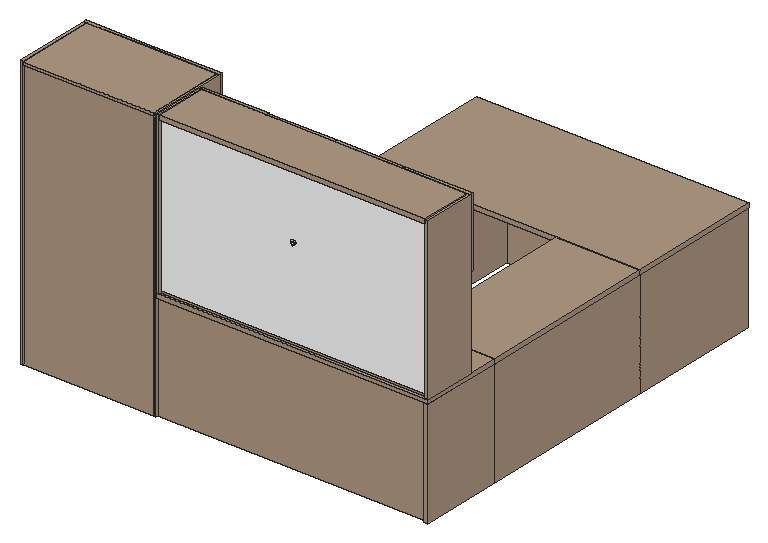
Revit family "T100044", category Furniture, Revit 2013
Parameters (values of type "T100044")
  Width = 108"
  URL = "http://www.ofsbrands.com/"
  Top Core Material = OFS BRANDS IMPULSE Top Core Wood
  Pull Material = OFS BRANDS IMPULSE Pull Metal
  Model = "T100044"
  Manufacturer = "OFS"
  Lock Material = OFS BRANDS IMPULSE Lock Metal
  Height = 71 15/16"
  Drawer Front Material = OFS BRANDS IMPULSE Drawer Front Wood
  Description = "OFS BRANDS OFS IMPULSE G2 TYPICAL T100044"
  Depth = 106"
  Copyright © = "© 2018 OFS BRANDS"
  Chassis Material = OFS BRANDS IMPULSE Chassis Wood
  Catalog = "http://ofsbrands.com/products/casegoods/private-office/impulse-g2"
  Grommet  Material = OFS BRANDS IMPULSE Grommet Metal
  Back Coverage Material = OFS BRANDS IMPULSE Back Coverage Plastic
  Authoring Version = "Autodesk Revit Architecture 2013"
  Assembly Code = "E2020200"
Reference planes (in)
  plane 1 "Center (Front/Back)": y = 0
  plane 2: z = 0
  plane 3 "Center (Left/Right)": x = 0
Forms (in)
  Extrusion 1, solid, material "OFS BRANDS IMPULSE Top Core Wood" <- "Top Core Material"
    sketch origin (27.00001, -8.00001, 0) x (1, 0, 0) y (0, 1, 0)
      loop
        line (-45.00001, 61.00023) -> (-45.00001, 24.99979) -> (26.99999, 24.99979) -> (26.99999, 61.00023) -> (-45.00001, 61.00023)
    from 28.30925 to 29.4745
  Extrusion 2, solid, material "OFS BRANDS IMPULSE Chassis Wood" <- "Chassis Material"
    sketch origin (-17.68478, 15.76745, 0) x (0, -1, 0) y (0, 0, 1)
      loop
        line (-2.35734, 0) -> (-2.35733, 28.1875) -> (-37.23148, 28.1875) -> (-37.23148, 0) -> (-2.35734, 0)
    from -0.74728 to 0.31522
  Extrusion 3, solid, material "OFS BRANDS IMPULSE Chassis Wood" <- "Chassis Material"
    sketch origin (-17.68478, 15.76745, 28.1875) x (0, -1, 0) y (0, 0, 1)
      loop
        line (-2.35733, 0) -> (-2.35733, 0.12175) -> (-37.10738, 0.12175) -> (-37.10738, 0) -> (-2.35733, 0)
    from -0.74728 to 0.19022
  Extrusion 4, solid, material "OFS BRANDS IMPULSE Lock Metal" <- "Lock Material"
    sketch origin (-3.1825, 27.52305, -0.0015) x (0, -1, 0) y (0, 0, 1)
      loop
        circle (4.64267, 22.54687) r 0.3125
    from -1.15125 to -1.0575
  Extrusion 5, solid, material "OFS BRANDS IMPULSE Drawer Front Wood" <- "Drawer Front Material"
    sketch origin (42.16983, 18.31228, -13.875) x (1, 0, 0) y (0, 0, -1)
      loop
        line (-60.10733, -28.1875) -> (-44.35733, -28.1875) -> (-44.35733, -14.4375) -> (-60.10733, -14.4375) -> (-60.10733, -28.1875)
    from -1.0625 to -0.3125
  Extrusion 6, solid, material "OFS BRANDS IMPULSE Pull Metal" <- "Pull Material"
    sketch origin (27.00001, -12.17692, -15.912) x (1, 0, 0) y (0, 1, 0)
      loop
        line (-39.43501, 29.42671) -> (-39.68501, 29.42671) -> (-39.68501, 28.17671) -> (-34.43501, 28.17671) -> (-34.43501, 29.42671) -> (-34.68501, 29.42671) -> (-34.68501, 28.42671) -> (-39.43501, 28.42671) -> (-39.43501, 29.42671)
    from 28.9745 to 29.4745
  Extrusion 7, solid, material "OFS BRANDS IMPULSE Drawer Front Wood" <- "Drawer Front Material"
    sketch origin (42.16983, 18.31228, -6.9375) x (1, 0, 0) y (0, 0, -1)
      loop
        line (-60.10733, -28.1875) -> (-44.35733, -28.1875) -> (-44.35733, -21.375) -> (-60.10733, -21.375) -> (-60.10733, -28.1875)
    from -1.0625 to -0.3125
  Extrusion 8, solid, material "OFS BRANDS IMPULSE Pull Metal" <- "Pull Material"
    sketch origin (27.00001, -12.17692, -8.9745) x (1, 0, 0) y (0, 1, 0)
      loop
        line (-39.43501, 29.42671) -> (-39.68501, 29.42671) -> (-39.68501, 28.17671) -> (-34.43501, 28.17671) -> (-34.43501, 29.42671) -> (-34.68501, 29.42671) -> (-34.68501, 28.42671) -> (-39.43501, 28.42671) -> (-39.43501, 29.42671)
    from 28.9745 to 29.4745
  Extrusion 9, solid, material "OFS BRANDS IMPULSE Drawer Front Wood" <- "Drawer Front Material"
    sketch origin (42.16983, 18.31228, 0) x (1, 0, 0) y (0, 0, -1)
      loop
        line (-60.10733, -28.1875) -> (-44.35733, -28.1875) -> (-44.35733, -21.375) -> (-60.10733, -21.375) -> (-60.10733, -28.1875)
    from -1.0625 to -0.3125
  Extrusion 10, solid, material "OFS BRANDS IMPULSE Pull Metal" <- "Pull Material"
    sketch origin (27.00001, -12.17692, -2.037) x (1, 0, 0) y (0, 1, 0)
      loop
        line (-39.43501, 29.42671) -> (-39.68501, 29.42671) -> (-39.68501, 28.17671) -> (-34.43501, 28.17671) -> (-34.43501, 29.42671) -> (-34.68501, 29.42671) -> (-34.68501, 28.42671) -> (-39.43501, 28.42671) -> (-39.43501, 29.42671)
    from 28.9745 to 29.4745
  Extrusion 11, solid, material "OFS BRANDS IMPULSE Chassis Wood" <- "Chassis Material"
    sketch origin (21.27267, 47.99978, 0) x (-1, 0, 0) y (0, 0, 1)
      loop
        line (38.21017, 0) -> (38.21017, 28.3125) -> (-31.66483, 28.3125) -> (-31.66483, 0) -> (38.21017, 0)
    from -4.75 to -4
  Extrusion 12, solid, material "OFS BRANDS IMPULSE Chassis Wood" <- "Chassis Material"
    sketch origin (-2.44022, 15.76745, 0) x (0, -1, 0) y (0, 0, -1)
      loop
        line (-2.35734, 0) -> (-27.48233, 0) -> (-27.48233, -28.1875) -> (-2.35733, -28.1875) -> (-2.35734, 0)
    from -0.37228 to 0.31522
  Extrusion 13, solid, material "OFS BRANDS IMPULSE Chassis Wood" <- "Chassis Material"
    sketch origin (-2.44022, 15.76745, 28.1875) x (0, -1, 0) y (0, 0, -1)
      loop
        line (-2.35733, 0) -> (-27.48234, 0) -> (-27.48234, -0.12175) -> (-2.35733, -0.12175) -> (-2.35733, 0)
    from -0.74728 to 0.19022
  Extrusion 14, solid, material "OFS BRANDS IMPULSE Chassis Wood" <- "Chassis Material"
    sketch origin (21.27267, 22.74978, 0) x (-1, 0, 0) y (0, 0, 1)
      loop
        line (38.21017, 0) -> (38.21017, 28.3125) -> (24.08517, 28.3125) -> (24.08517, 0) -> (38.21017, 0)
    from -4.75 to -4
  Extrusion 15, solid, material "OFS BRANDS IMPULSE Chassis Wood" <- "Chassis Material"
    sketch origin (53.68478, 15.76745, 0) x (0, -1, 0) y (0, 0, -1)
      loop
        line (-1.23233, 0) -> (-37.23148, 0) -> (-37.23148, -28.1875) -> (-1.23233, -28.1875) -> (-1.23233, 0)
    from -0.74728 to 0.31522
  Extrusion 16, solid, material "OFS BRANDS IMPULSE Chassis Wood" <- "Chassis Material"
    sketch origin (53.68478, 15.76745, 28.1875) x (0, -1, 0) y (0, 0, -1)
      loop
        line (-1.36293, 0) -> (-37.10738, 0) -> (-37.10738, -0.12175) -> (-1.36293, -0.12175) -> (-1.36293, 0)
    from -0.74728 to 0.19022
  Extrusion 17, solid, material "OFS BRANDS IMPULSE Chassis Wood" <- "Chassis Material"
    sketch origin (53.68478, -20.2317, 0) x (0, -1, 0) y (0, 0, -1)
      loop
        line (10.76852, 0) -> (-37.23148, 0) -> (-37.23148, -28.1875) -> (10.76852, -28.1875) -> (10.76852, 0)
    from -0.74728 to 0.31522
  Extrusion 18, solid, material "OFS BRANDS IMPULSE Chassis Wood" <- "Chassis Material"
    sketch origin (53.68478, -20.2317, 28.1875) x (0, -1, 0) y (0, 0, -1)
      loop
        line (10.76852, 0) -> (-37.23148, 0) -> (-37.23148, -0.12175) -> (10.76852, -0.12175) -> (10.76852, 0)
    from -0.74728 to 0.19022
  Extrusion 19, solid, material "OFS BRANDS IMPULSE Chassis Wood" <- "Chassis Material"
    sketch origin (53.68478, -68.2317, 0) x (0, -1, 0) y (0, 0, -1)
      loop
        line (-15.23148, 0) -> (-37.23148, 0) -> (-37.23148, -28.1875) -> (-15.23148, -28.1875) -> (-15.23148, 0)
    from -0.74728 to 0.31522
  Extrusion 20, solid, material "OFS BRANDS IMPULSE Chassis Wood" <- "Chassis Material"
    sketch origin (53.68478, -68.2317, 28.1875) x (0, -1, 0) y (0, 0, -1)
      loop
        line (-15.35643, 0) -> (-37.10648, 0) -> (-37.10648, -0.12175) -> (-15.35643, -0.12175) -> (-15.35643, 0)
    from -0.74728 to 0.19022
  Extrusion 21, solid, material "OFS BRANDS IMPULSE Top Core Wood" <- "Top Core Material"
    sketch origin (27.00001, 41.99957, 0) x (1, 0, 0) y (0, 1, 0)
      loop
        line (5.00084, -72.99979) -> (26.99999, -72.99979) -> (26.99999, -24.99979) -> (5.00084, -24.99979) -> (5.00084, -72.99979)
    from 28.30925 to 29.4745
  Extrusion 22, solid, material "OFS BRANDS IMPULSE Top Core Wood" <- "Top Core Material"
    sketch origin (43.00045, -5.99999, 0) x (1, 0, 0) y (0, 1, 0)
      loop
        line (-61.00045, -47.00023) -> (10.99955, -47.00023) -> (10.99955, -24.99979) -> (-61.00045, -24.99979) -> (-61.00045, -47.00023)
      loop
        line (-20.56252, -44.4398) -> (-20.56252, -44.52858)
        arc (-20.56252, -44.52858) -> (-20.31945, -44.4279) -> (-20.21877, -44.18483) r 0.34375
        line (-20.21877, -44.18483) -> (-20.30756, -44.18483) -> (-20.30756, -43.93483) -> (-20.21877, -43.93483)
        arc (-20.21877, -43.93483) -> (-20.31945, -43.69177) -> (-20.56252, -43.59108) r 0.34375
        line (-20.56252, -43.59108) -> (-20.56252, -43.67987) -> (-21.43752, -43.67987) -> (-21.43752, -43.59108)
        arc (-21.43752, -43.59108) -> (-21.68059, -43.69177) -> (-21.78127, -43.93483) r 0.34375
        line (-21.78127, -43.93483) -> (-21.69248, -43.93483) -> (-21.69248, -44.18483) -> (-21.78127, -44.18483)
        arc (-21.78127, -44.18483) -> (-21.68059, -44.4279) -> (-21.43752, -44.52858) r 0.34375
        line (-21.43752, -44.52858) -> (-21.43752, -44.4398) -> (-20.56252, -44.4398)
    from 28.30925 to 29.4745
  Extrusion 23, solid, material "OFS BRANDS IMPULSE Grommet Metal" <- "Grommet  Material"
    sketch origin (0.85776, -23.93482, 29.162) x (0, -1, 0) y (-1, 0, 0)
      loop
        line (26.50497, -21.11142) -> (27.125, -21.11142) -> (27.125, -19.89267)
        arc (27.125, -19.89267) -> (26.99686, -19.58331) -> (26.6875, -19.45517) r 0.4375
        line (26.6875, -19.45517) -> (25.5625, -19.45517)
        arc (25.5625, -19.45517) -> (25.25314, -19.58331) -> (25.125, -19.89267) r 0.4375
        line (25.125, -19.89267) -> (25.125, -21.11142) -> (25.74504, -21.11142) -> (25.74504, -20.70517) -> (25.65625, -20.70517)
        arc (25.65625, -20.70517) -> (25.75693, -20.4621) -> (26, -20.36142) r 0.34375
        line (26, -20.36142) -> (26, -20.4502) -> (26.25, -20.4502) -> (26.25, -20.36142)
        arc (26.25, -20.36142) -> (26.49307, -20.4621) -> (26.59375, -20.70517) r 0.34375
        line (26.59375, -20.70517) -> (26.50497, -20.70517) -> (26.50497, -21.11142)
      loop
        line (26.50497, -21.17392) -> (26.50497, -21.58017) -> (26.59375, -21.58017)
        arc (26.59375, -21.58017) -> (26.49307, -21.82323) -> (26.25, -21.92392) r 0.34375
        line (26.25, -21.92392) -> (26.25, -21.83513) -> (26, -21.83513) -> (26, -21.92392)
        arc (26, -21.92392) -> (25.75693, -21.82323) -> (25.65625, -21.58017) r 0.34375
        line (25.65625, -21.58017) -> (25.74504, -21.58017) -> (25.74504, -21.17392) -> (25.125, -21.17392) -> (25.125, -22.39267)
        arc (25.125, -22.39267) -> (25.25314, -22.70203) -> (25.5625, -22.83017) r 0.4375
        line (25.5625, -22.83017) -> (26.6875, -22.83017)
        arc (26.6875, -22.83017) -> (26.99686, -22.70202) -> (27.125, -22.39266) r 0.4375
        line (27.125, -22.39266) -> (27.125, -21.17392) -> (26.50497, -21.17392)
    from -0.38 to -0.3125
  Extrusion 24, solid, material "OFS BRANDS IMPULSE Back Coverage Plastic" <- "Back Coverage Material"
    sketch origin (12.71306, -52.87522, 29.4745) x (-1, 0, 0) y (0, 0, -1)
      loop
        line (29.96306, -0.463) -> (-40.53694, -0.463) -> (-40.53694, -41.4005) -> (29.96306, -41.4005) -> (29.96306, -0.463)
      loop
        circle (-5.25463, -24.31718) r 0.75
    from -0.9375 to -0.4375
  Extrusion 25, solid, material "OFS BRANDS IMPULSE Grommet Metal" <- "Grommet  Material"
    sketch origin (64.63267, -52.87522, 29.4745) x (-1, 0, 0) y (0, 0, -1)
      loop
        line (46.91502, -23.48773) -> (46.91502, -23.8935)
        arc (46.91502, -23.8935) -> (46.66497, -24.14355) -> (46.41492, -23.8935) r 0.25005
        line (46.41492, -23.8935) -> (46.41492, -23.48773)
        arc (46.41492, -23.48773) -> (46.66497, -25.1835) -> (46.91502, -23.48773) r 0.86632
    from -1.0275 to -0.9375
  Extrusion 26, solid, material "OFS BRANDS IMPULSE Chassis Wood" <- "Chassis Material"
    sketch origin (12.71306, -52.87522, 29.4745) x (-1, 0, 0) y (0, 0, -1)
      loop
        line (29.96306, 0) -> (-40.53694, 0) -> (-40.53694, -0.463) -> (29.96306, -0.463) -> (29.96306, 0)
    from -0.9375 to -0.4375
  Extrusion 27, solid, material "OFS BRANDS IMPULSE Chassis Wood" <- "Chassis Material"
    sketch origin (54, -29.76789, 29.4745) x (0, 1, 0) y (0, 0, 1)
      loop
        line (-9.23234, 0) -> (-9.23233, 42.463) -> (-23.23233, 42.463) -> (-23.23233, 0) -> (-9.23234, 0)
    from -0.75 to 0
  Extrusion 28, solid, material "OFS BRANDS IMPULSE Chassis Wood" <- "Chassis Material"
    sketch origin (-17.25, -29.76789, 29.4745) x (0, 1, 0) y (0, 0, 1)
      loop
        line (-9.23234, 0) -> (-9.23233, 42.463) -> (-23.23233, 42.463) -> (-23.23233, 0) -> (-9.23234, 0)
    from -0.75 to 0
  Extrusion 29, solid, material "OFS BRANDS IMPULSE Chassis Wood" <- "Chassis Material"
    sketch origin (27.00001, -5.99999, 42.56575) x (1, 0, 0) y (0, 1, 0)
      loop
        line (26.24999, -47.00023) -> (26.24999, -33.12523) -> (-44.25001, -33.12523) -> (-44.25001, -47.00023) -> (26.24999, -47.00023)
    from 28.30925 to 29.37174
  Extrusion 30, solid, material "OFS BRANDS IMPULSE Drawer Front Wood" <- "Drawer Front Material"
    sketch origin (42.16983, -39.31271, 43.6875) x (1, 0, 0) y (0, 0, 1)
      loop
        line (-60.10733, 28.1875) -> (-60.10733, 9.75) -> (-42.23234, 9.75) -> (-42.23234, 28.1875) -> (-60.10733, 28.1875)
    from -1.0625 to -0.3125
  Extrusion 31, solid, material "OFS BRANDS IMPULSE Drawer Front Wood" <- "Drawer Front Material"
    sketch origin (60.16984, -39.31272, 43.6875) x (1, 0, 0) y (0, 0, 1)
      loop
        line (-60.10733, 28.1875) -> (-60.10733, 9.75) -> (-42.23234, 9.75) -> (-42.23234, 28.1875) -> (-60.10733, 28.1875)
    from -1.0625 to -0.3125
  Extrusion 32, solid, material "OFS BRANDS IMPULSE Drawer Front Wood" <- "Drawer Front Material"
    sketch origin (78.16984, -39.31272, 43.6875) x (1, 0, 0) y (0, 0, 1)
      loop
        line (-60.10733, 28.1875) -> (-60.10733, 9.75) -> (-42.23234, 9.75) -> (-42.23234, 28.1875) -> (-60.10733, 28.1875)
    from -1.0625 to -0.3125
  Extrusion 33, solid, material "OFS BRANDS IMPULSE Drawer Front Wood" <- "Drawer Front Material"
    sketch origin (96.16984, -39.31272, 43.6875) x (1, 0, 0) y (0, 0, 1)
      loop
        line (-60.10733, 28.1875) -> (-60.10733, 9.75) -> (-42.23234, 9.75) -> (-42.23234, 28.1875) -> (-60.10733, 28.1875)
    from -1.0625 to -0.3125
  Extrusion 34, solid, material "OFS BRANDS IMPULSE Chassis Wood" <- "Chassis Material"
    sketch origin (21.05879, -39.93772, 26.375) x (-1, 0, 0) y (0, 0, 1)
      loop
        line (38.30879, 27.0625) -> (38.30879, 28.3125) -> (-32.19121, 28.3125) -> (-32.19121, 27.0625) -> (38.30879, 27.0625)
    from -0.75 to 0
  Extrusion 35, solid, material "OFS BRANDS IMPULSE Chassis Wood" <- "Chassis Material"
    sketch origin (27.00001, -5.99999, 26.06575) x (1, 0, 0) y (0, 1, 0)
      loop
        line (26.24999, -45.93773) -> (26.24999, -33.12523) -> (-44.25001, -33.12523) -> (-44.25001, -45.93773) -> (26.24999, -45.93773)
    from 28.62174 to 29.37174
  Extrusion 36, solid, material "OFS BRANDS IMPULSE Chassis Wood" <- "Chassis Material"
    sketch origin (69.23148, -52.685, 0) x (1, 0, 0) y (0, 0, 1)
      loop
        line (-16.29398, 0) -> (-16.29398, 28.1875) -> (-87.23148, 28.1875) -> (-87.23148, 0) -> (-16.29398, 0)
    from -0.87228 to -0.11668
  Extrusion 37, solid, material "OFS BRANDS IMPULSE Drawer Front Wood" <- "Drawer Front Material"
    sketch origin (49.22983, -32.31272, -13.875) x (1, 0, 0) y (0, 0, 1)
      loop
        line (-67.16733, 28.0625) -> (-67.16733, 14.18746) -> (-37.29233, 14.18746) -> (-37.29233, 28.0625) -> (-67.16733, 28.0625)
    from -1.0681 to -0.3125
  Extrusion 38, solid, material "OFS BRANDS IMPULSE Pull Metal" <- "Pull Material"
    sketch origin (34.06001, -1.82352, -15.912) x (1, 0, 0) y (0, 1, 0)
      loop
        line (-39.43501, -29.42671) -> (-39.43501, -28.42671) -> (-34.68501, -28.42671) -> (-34.68501, -29.42671) -> (-34.43501, -29.42671) -> (-34.43501, -28.17671) -> (-39.68501, -28.17671) -> (-39.68501, -29.42671) -> (-39.43501, -29.42671)
    from 28.9745 to 29.4745
  Extrusion 39, solid, material "OFS BRANDS IMPULSE Pull Metal" <- "Pull Material"
    sketch origin (34.06001, -1.82351, -2.037) x (1, 0, 0) y (0, 1, 0)
      loop
        line (-39.43501, -29.42671) -> (-39.43501, -28.42671) -> (-34.68501, -28.42671) -> (-34.68501, -29.42671) -> (-34.43501, -29.42671) -> (-34.43501, -28.17671) -> (-39.68501, -28.17671) -> (-39.68501, -29.42671) -> (-39.43501, -29.42671)
    from 28.9745 to 29.4745
  Extrusion 40, solid, material "OFS BRANDS IMPULSE Drawer Front Wood" <- "Drawer Front Material"
    sketch origin (49.22983, -32.31272, 0) x (1, 0, 0) y (0, 0, 1)
      loop
        line (-67.16733, 28.0625) -> (-67.16733, 14.3125) -> (-37.29233, 14.3125) -> (-37.29233, 28.0625) -> (-67.16733, 28.0625)
    from -1.0681 to -0.3125
  Extrusion 41, solid, material "OFS BRANDS IMPULSE Drawer Front Wood" <- "Drawer Front Material"
    sketch origin (16.22983, -32.31272, -13.875) x (1, 0, 0) y (0, 0, 1)
      loop
        line (-70.16733, 28.0625) -> (-70.16733, 14.4375) -> (-34.29233, 14.4375) -> (-34.29233, 28.0625) -> (-70.16733, 28.0625)
    from -1.0625 to -0.3125
  Extrusion 42, solid, material "OFS BRANDS IMPULSE Drawer Front Wood" <- "Drawer Front Material"
    sketch origin (16.22983, -32.31272, 0) x (1, 0, 0) y (0, 0, 1)
      loop
        line (-70.16733, 28.0625) -> (-70.16733, 14.3125) -> (-34.29233, 14.3125) -> (-34.29233, 28.0625) -> (-70.16733, 28.0625)
    from -1.0625 to -0.3125
  Extrusion 43, solid, material "OFS BRANDS IMPULSE Chassis Wood" <- "Chassis Material"
    sketch origin (-53.25, -22.76789, 29.4745) x (0, 1, 0) y (0, 0, 1)
      loop
        line (-9.23234, -29.4745) -> (-9.23233, 42.5255) -> (-30.23233, 42.5255) -> (-30.23233, -29.4745) -> (-9.23234, -29.4745)
    from -0.75 to 0
  Extrusion 44, solid, material "OFS BRANDS IMPULSE Chassis Wood" <- "Chassis Material"
    sketch origin (-18, -22.76789, 29.4745) x (0, 1, 0) y (0, 0, 1)
      loop
        line (-9.23234, -29.4745) -> (-9.23233, 42.5255) -> (-30.23233, 42.5255) -> (-30.23233, -29.4745) -> (-9.23234, -29.4745)
    from -0.75 to 0
  Extrusion 45, solid, material "OFS BRANDS IMPULSE Chassis Wood" <- "Chassis Material"
    sketch origin (-44.68749, -5.99999, 42.56575) x (1, 0, 0) y (0, 1, 0)
      loop
        line (25.93749, -47.00023) -> (25.93749, -26.00023) -> (-8.56251, -26.00023) -> (-8.56251, -47.00023) -> (25.93749, -47.00023)
    from 28.68425 to 29.43425
  Extrusion 46, solid, material "OFS BRANDS IMPULSE Drawer Front Wood" <- "Drawer Front Material"
    sketch origin (24.16984, -32.31272, 43.6875) x (1, 0, 0) y (0, 0, 1)
      loop
        line (-60.10733, 28.3125) -> (-60.10733, -15.625) -> (-42.23234, -15.625) -> (-42.23234, 28.3125) -> (-60.10733, 28.3125)
    from -1.0625 to -0.3125
  Extrusion 47, solid, material "OFS BRANDS IMPULSE Drawer Front Wood" <- "Drawer Front Material"
    sketch origin (6.16984, -32.31272, 43.6875) x (1, 0, 0) y (0, 0, 1)
      loop
        line (-60.10733, 28.3125) -> (-60.10733, -15.625) -> (-42.23234, -15.625) -> (-42.23234, 28.3125) -> (-60.10733, 28.3125)
    from -1.0625 to -0.3125
  Extrusion 48, solid, material "OFS BRANDS IMPULSE Chassis Wood" <- "Chassis Material"
    sketch origin (-2.76852, -52.935, 0) x (1, 0, 0) y (0, 0, 1)
      loop
        line (-15.98148, 0) -> (-15.98148, 71.25) -> (-50.45023, 71.25) -> (-50.45023, 0) -> (-15.98148, 0)
    from -0.87228 to -0.18478
  Extrusion 49, solid, material "OFS BRANDS IMPULSE Pull Metal" <- "Pull Material"
    sketch origin (1.06001, -1.82352, -15.912) x (1, 0, 0) y (0, 1, 0)
      loop
        line (-39.43501, -29.42671) -> (-39.43501, -28.42671) -> (-34.68501, -28.42671) -> (-34.68501, -29.42671) -> (-34.43501, -29.42671) -> (-34.43501, -28.17671) -> (-39.68501, -28.17671) -> (-39.68501, -29.42671) -> (-39.43501, -29.42671)
    from 28.9745 to 29.4745
  Extrusion 50, solid, material "OFS BRANDS IMPULSE Pull Metal" <- "Pull Material"
    sketch origin (1.06001, -1.82351, -2.037) x (1, 0, 0) y (0, 1, 0)
      loop
        line (-39.43501, -29.42671) -> (-39.43501, -28.42671) -> (-34.68501, -28.42671) -> (-34.68501, -29.42671) -> (-34.43501, -29.42671) -> (-34.43501, -28.17671) -> (-39.68501, -28.17671) -> (-39.68501, -29.42671) -> (-39.43501, -29.42671)
    from 28.9745 to 29.4745
  Extrusion 51, solid, material "OFS BRANDS IMPULSE Pull Metal" <- "Pull Material"
    sketch origin (-5.838, -1.82351, 87.09126) x (0, 0, 1) y (0, 1, 0)
      loop
        line (-39.43501, -29.42671) -> (-39.43501, -28.42671) -> (-34.68501, -28.42671) -> (-34.68501, -29.42671) -> (-34.43501, -29.42671) -> (-34.43501, -28.17671) -> (-39.68501, -28.17671) -> (-39.68501, -29.42671) -> (-39.43501, -29.42671)
    from 28.9745 to 29.4745
  Extrusion 52, solid, material "OFS BRANDS IMPULSE Pull Metal" <- "Pull Material"
    sketch origin (-66.162, -1.82351, 87.09126) x (0, 0, 1) y (0, -1, 0)
      loop
        line (-39.43501, 29.42671) -> (-39.68501, 29.42671) -> (-39.68501, 28.17671) -> (-34.43501, 28.17671) -> (-34.43501, 29.42671) -> (-34.68501, 29.42671) -> (-34.68501, 28.42671) -> (-39.43501, 28.42671) -> (-39.43501, 29.42671)
    from 28.9745 to 29.4745
  Extrusion 53, solid, material "OFS BRANDS IMPULSE Chassis Wood" <- "Chassis Material"
    sketch origin (-44.68749, -5.99999, 26.06575) x (1, 0, 0) y (0, 1, 0)
      loop
        line (25.93749, -46.06273) -> (25.93749, -26.31273) -> (-8.56251, -26.31273) -> (-8.56251, -46.06273) -> (25.93749, -46.06273)
    from 28.68425 to 29.43425
  Extrusion 54, solid, material "OFS BRANDS IMPULSE Chassis Wood" <- "Chassis Material"
    sketch origin (-44.68749, -5.99999, 12.44075) x (1, 0, 0) y (0, 1, 0)
      loop
        line (25.93749, -46.06273) -> (25.93749, -26.31273) -> (-8.56251, -26.31273) -> (-8.56251, -46.06273) -> (25.93749, -46.06273)
    from 28.68425 to 29.43425
  Extrusion 55, solid, material "OFS BRANDS IMPULSE Chassis Wood" <- "Chassis Material"
    sketch origin (-2.76852, -32.8725, 0) x (1, 0, 0) y (0, 0, 1)
      loop
        line (-15.98148, 0) -> (-15.98148, 71.25) -> (-50.48148, 71.25) -> (-50.48148, 0) -> (-15.98148, 0)
    from -0.87228 to -0.55979
  Extrusion 56, solid, material "OFS BRANDS IMPULSE Chassis Wood" <- "Chassis Material"
    sketch origin (69.23148, -32.8725, 0) x (1, 0, 0) y (0, 0, 1)
      loop
        line (-58.29398, 0) -> (-58.29398, 28.1875) -> (-87.23148, 28.1875) -> (-87.23148, 0) -> (-58.29398, 0)
    from -0.87228 to -0.11668
  Extrusion 57, solid, material "OFS BRANDS IMPULSE Chassis Wood" <- "Chassis Material"
    sketch origin (11.68478, -29.76228, 0) x (0, 1, 0) y (0, 0, 1)
      loop
        line (-2.23233, 0) -> (-2.23233, 28.1875) -> (-22.05043, 28.1875) -> (-22.05043, 0) -> (-2.23233, 0)
    from -0.37228 to 0.31522
  Extrusion 58, solid, material "OFS BRANDS IMPULSE Chassis Wood" <- "Chassis Material"
    sketch origin (11.68478, -29.76228, 28.1875) x (0, 1, 0) y (0, 0, 1)
      loop
        line (-2.23234, 0) -> (-2.23234, 0.12175) -> (-22.08544, 0.12175) -> (-22.08544, 0) -> (-2.23234, 0)
    from -0.74728 to 0.19022
  Extrusion 59, solid, material "OFS BRANDS IMPULSE Lock Metal" <- "Lock Material"
    sketch origin (-57.45517, -32.30772, 4.64063) x (1, 0, 0) y (0, 0, 1)
      loop
        circle (4.64267, 22.54687) r 0.3125
    from -1.15125 to -1.0575
  Extrusion 60, solid, material "OFS BRANDS IMPULSE Lock Metal" <- "Lock Material"
    sketch origin (-20.93021, -32.30772, 4.625) x (1, 0, 0) y (0, 0, 1)
      loop
        circle (4.64267, 22.54687) r 0.3125
    from -1.15125 to -1.0631
Dimensions and locks (in)
  aligned and locked: level to plane 2
